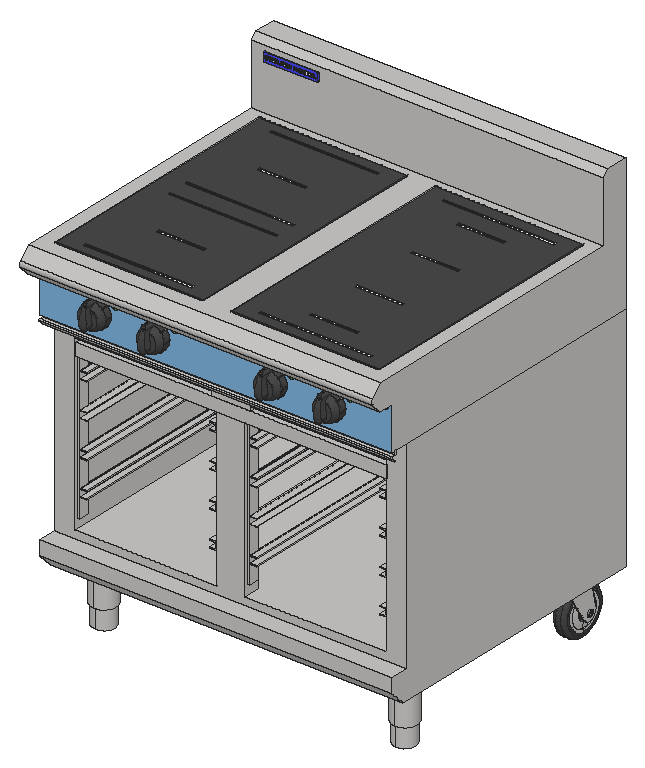
Revit family "QF_Moffat_IN514R3F-CB_Induction_Cooktop_cat", category Specialty Equipment, Revit 2019 (continued)
Definition of nested family "QF_LOGO_BLue Seal"
  Forms (mm)
    Extrusion 2, solid
      sketch origin (0, 0, 0) x (1, 0, 0) y (0, 0, 1)
        loop
          line (103.826, 9.135) -> (99.041, 9.135) -> (99.041, 10.415) -> (103.969, 10.415)
          arc (103.969, 10.415) -> (104.809, 11.255) -> (103.969, 12.095) r 0.84
          line (103.969, 12.095) -> (99.041, 12.095) -> (99.041, 13.215) -> (103.759, 13.215)
        loop
          line (112.34, 12.915) -> (112.34, 11.583) -> (115.1, 11.583) -> (115.1, 12.915)
          arc (115.1, 12.915) -> (114.954, 13.268) -> (114.6, 13.415) r 0.5
          line (114.6, 13.415) -> (112.84, 13.415)
          arc (112.84, 13.415) -> (112.487, 13.268) -> (112.34, 12.915) r 0.5
        loop
          arc (119.975, 7.169) -> (120.682, 7.461) -> (120.975, 8.169) r 1
          line (120.975, 8.169) -> (120.975, 14.317)
          arc (120.975, 14.317) -> (120.682, 15.024) -> (119.975, 15.317) r 1
          line (119.975, 15.317) -> (107.404, 15.317)
          arc (107.404, 15.317) -> (106.697, 15.024) -> (106.404, 14.317) r 1
          line (106.404, 14.317) -> (106.404, 8.169)
          arc (106.404, 8.169) -> (106.697, 7.461) -> (107.404, 7.169) r 1
          line (107.404, 7.169) -> (111.34, 7.169)
          arc (111.34, 7.169) -> (112.047, 7.461) -> (112.34, 8.169) r 1
          line (112.34, 8.169) -> (112.34, 9.135) -> (115.1, 9.135) -> (115.1, 8.169)
          arc (115.1, 8.169) -> (115.393, 7.461) -> (116.1, 7.169) r 1
          line (116.1, 7.169) -> (119.975, 7.169)
        loop
          arc (122.692, 8.169) -> (122.985, 7.461) -> (123.692, 7.169) r 1
          line (123.692, 7.169) -> (133.067, 7.169)
          arc (133.067, 7.169) -> (134.076, 8.178) -> (133.067, 9.188) r 1.01
          line (133.067, 9.188) -> (128.479, 9.188) -> (128.479, 14.317)
          arc (128.479, 14.317) -> (128.186, 15.024) -> (127.479, 15.317) r 1
          line (127.479, 15.317) -> (123.692, 15.317)
          arc (123.692, 15.317) -> (122.985, 15.024) -> (122.692, 14.317) r 1
          line (122.692, 14.317) -> (122.692, 8.169)
        loop
          line (8.019, 7.227) -> (8.019, 15.172)
          arc (8.019, 15.172) -> (4.133, 11.2) -> (8.019, 7.227) r 3.973
      from 0 to 3.2
    Extrusion 3, solid
      sketch origin (0, 0, 0) x (1, 0, 0) y (0, 0, 1)
        loop
          line (8.289, 15.169) -> (8.289, 7.231)
          arc (8.289, 7.231) -> (12.08, 11.2) -> (8.289, 15.169) r 3.973
      from 0 to 3.2
    Extrusion 4, solid
      sketch origin (16.271, 0, 0) x (-1, 0, 0) y (0, 0, -1)
        loop
          arc (8.252, -15.172) -> (12.138, -11.2) -> (8.252, -7.227) r 3.973
          line (8.252, -7.227) -> (8.252, -15.172)
      from 0 to 3.2
  Dimensions and locks
    equal spacing: plane 3 "LEFT", plane 7 "Center Y", plane 4 "RIGHT"
    "Length": plane 3 "LEFT" to plane 4 "RIGHT"
    equal spacing: plane 5 "FRONT", plane 8 "Center X", plane 1 "BACK"
    "Depth": plane 5 "FRONT" to plane 1 "BACK"
    "Height": plane 6 "TOP" to level
    plane 4 "RIGHT" to plane 3 "LEFT" = 138 mm
    aligned and locked: level to plane 2
  Automatic sketch dimensions
    Extrusion 1 sketch curve to Extrusion 1 sketch curve = 0 mm  (x12)
    Extrusion 1 sketch curve to plane 3 "LEFT" = 0 mm
    Extrusion 1 sketch curve to level = 0 mm
    Extrusion 1 sketch curve to plane 6 "TOP" = 0 mm
    plane 4 "RIGHT" to Extrusion 1 sketch curve = 0 mm
    plane 3 "LEFT" to Extrusion 1 sketch curve = 2 mm
    Extrusion 1 sketch curve to Extrusion 1 sketch curve = 2 mm
    plane 3 "LEFT" to Extrusion 1 sketch curve = 8.135 mm
    Extrusion 1 sketch curve to Extrusion 1 sketch curve = 7.524 mm
    Extrusion 1 sketch curve to Extrusion 1 sketch curve = 0.965 mm
    Extrusion 1 sketch curve to Extrusion 1 sketch curve = 1 mm  (x22)
    Extrusion 1 sketch curve to Extrusion 1 sketch curve = 4.503 mm
    Extrusion 1 sketch curve to Extrusion 1 sketch curve = 2.434 mm  (x2)
    Extrusion 1 sketch curve to Extrusion 1 sketch curve = 4.362 mm
    Extrusion 1 sketch curve to Extrusion 1 sketch curve = 3.517 mm
    Extrusion 1 sketch curve to Extrusion 1 sketch curve = 3.787 mm  (x2)
    Extrusion 1 sketch curve to Extrusion 1 sketch curve = 4.787 mm
    Extrusion 1 sketch curve to Extrusion 1 sketch curve = 4.588 mm
    Extrusion 1 sketch curve to Extrusion 1 sketch curve = 1.798 mm
    Extrusion 1 sketch curve to Extrusion 1 sketch curve = 1.956 mm  (x2)
    Extrusion 1 sketch curve to Extrusion 1 sketch curve = 3.735 mm
    Extrusion 1 sketch curve to Extrusion 1 sketch curve = 3.779 mm
    Extrusion 1 sketch curve to Extrusion 1 sketch curve = 1.146 mm
    Extrusion 1 sketch curve to Extrusion 1 sketch curve = 3.631 mm
    Extrusion 1 sketch curve to Extrusion 1 sketch curve = 3.713 mm
    Extrusion 1 sketch curve to Extrusion 1 sketch curve = 0.959 mm
    Extrusion 1 sketch curve to Extrusion 1 sketch curve = 1.688 mm
    Extrusion 1 sketch curve to plane 7 "Center Y" = 3.94 mm
    plane 7 "Center Y" to Extrusion 1 sketch curve = 0.777 mm
    plane 7 "Center Y" to Extrusion 1 sketch curve = 0.845 mm
    plane 7 "Center Y" to Extrusion 1 sketch curve = 0.988 mm
    Extrusion 1 sketch curve to Extrusion 1 sketch curve = 7.327 mm
    Extrusion 1 sketch curve to Extrusion 1 sketch curve = 4.556 mm
    Extrusion 1 sketch curve to Extrusion 1 sketch curve = 3.087 mm
    Extrusion 1 sketch curve to Extrusion 1 sketch curve = 4.657 mm  (x2)
    Extrusion 1 sketch curve to Extrusion 1 sketch curve = 0.004 mm
    Extrusion 1 sketch curve to Extrusion 1 sketch curve = 0.996 mm  (x2)
    Extrusion 1 sketch curve to Extrusion 1 sketch curve = 1.402 mm
    Extrusion 1 sketch curve to Extrusion 1 sketch curve = 5.025 mm
    Extrusion 1 sketch curve to Extrusion 1 sketch curve = 4.717 mm
    Extrusion 1 sketch curve to Extrusion 1 sketch curve = 4.785 mm
    Extrusion 1 sketch curve to Extrusion 1 sketch curve = 0.211 mm
    Extrusion 1 sketch curve to Extrusion 1 sketch curve = 2.645 mm
    Extrusion 1 sketch curve to Extrusion 1 sketch curve = 3.936 mm
    Extrusion 1 sketch curve to Extrusion 1 sketch curve = 0.5 mm  (x2)
    Extrusion 1 sketch curve to Extrusion 1 sketch curve = 1.76 mm
    Extrusion 1 sketch curve to Extrusion 1 sketch curve = 2.76 mm
    Extrusion 1 sketch curve to Extrusion 1 sketch curve = 4.875 mm
    Extrusion 1 sketch curve to Extrusion 1 sketch curve = 3.875 mm
    Extrusion 1 sketch curve to Extrusion 1 sketch curve = 1.717 mm
    plane 4 "RIGHT" to Extrusion 1 sketch curve = 4.933 mm
    plane 4 "RIGHT" to Extrusion 1 sketch curve = 2 mm  (x2)
    level to Extrusion 1 sketch curve = 7.169 mm  (x5)
    Extrusion 1 sketch curve to Extrusion 1 sketch curve = 5.169 mm
    Extrusion 1 sketch curve to Extrusion 1 sketch curve = 0.983 mm  (x2)
    Extrusion 1 sketch curve to Extrusion 1 sketch curve = 1.01 mm  (x2)
    Extrusion 1 sketch curve to Extrusion 1 sketch curve = 0.376 mm
    Extrusion 1 sketch curve to Extrusion 1 sketch curve = 0.588 mm
    Extrusion 1 sketch curve to Extrusion 1 sketch curve = 0.966 mm
    Extrusion 1 sketch curve to Extrusion 1 sketch curve = 2.037 mm  (x2)
    Extrusion 1 sketch curve to Extrusion 1 sketch curve = 0.772 mm  (x2)
    Extrusion 1 sketch curve to Extrusion 1 sketch curve = 0.952 mm
    Extrusion 1 sketch curve to Extrusion 1 sketch curve = 1.046 mm
    Extrusion 1 sketch curve to Extrusion 1 sketch curve = 1.28 mm  (x2)
    Extrusion 1 sketch curve to Extrusion 1 sketch curve = 1.878 mm
    Extrusion 1 sketch curve to Extrusion 1 sketch curve = 2.905 mm
    Extrusion 1 sketch curve to Extrusion 1 sketch curve = 3.031 mm
    Extrusion 1 sketch curve to Extrusion 1 sketch curve = 0.84 mm  (x2)
    Extrusion 1 sketch curve to Extrusion 1 sketch curve = 2.448 mm
    Extrusion 1 sketch curve to Extrusion 1 sketch curve = 2.202 mm
    Extrusion 1 sketch curve to Extrusion 1 sketch curve = 0.786 mm
    Extrusion 1 sketch curve to Extrusion 1 sketch curve = 1.332 mm
    Extrusion 1 sketch curve to Extrusion 1 sketch curve = 1.12 mm  (x2)
    Extrusion 1 sketch curve to Extrusion 1 sketch curve = 1.716 mm
    Extrusion 1 sketch curve to Extrusion 1 sketch curve = 1.051 mm  (x2)
    Extrusion 1 sketch curve to Extrusion 1 sketch curve = 4.147 mm
    Extrusion 1 sketch curve to Extrusion 1 sketch curve = 5.129 mm
    Extrusion 1 sketch curve to Extrusion 1 sketch curve = 0.051 mm
    Extrusion 1 sketch curve to Extrusion 1 sketch curve = 1.037 mm
    Extrusion 1 sketch curve to Extrusion 1 sketch curve = 0.516 mm
    plane 3 "LEFT" to Extrusion 1 sketch curve = 3.555 mm
    Extrusion 2 sketch curve to Extrusion 2 sketch curve = 0 mm  (x16)
    plane 3 "LEFT" to Extrusion 2 sketch curve = 8.019 mm
    Extrusion 2 sketch curve to Extrusion 2 sketch curve = 0.088 mm
    Extrusion 2 sketch curve to Extrusion 2 sketch curve = 0.029 mm
    Extrusion 2 sketch curve to Extrusion 2 sketch curve = 0.27 mm
    Extrusion 2 sketch curve to Extrusion 2 sketch curve = 7.371 mm
    Extrusion 2 sketch curve to Extrusion 2 sketch curve = 0.965 mm
    Extrusion 2 sketch curve to Extrusion 2 sketch curve = 1 mm  (x24)
    Extrusion 2 sketch curve to Extrusion 2 sketch curve = 4.503 mm
    Extrusion 2 sketch curve to Extrusion 2 sketch curve = 2.434 mm
    Extrusion 2 sketch curve to Extrusion 2 sketch curve = 4.362 mm
    Extrusion 2 sketch curve to Extrusion 2 sketch curve = 3.517 mm
    Extrusion 2 sketch curve to Extrusion 2 sketch curve = 3.787 mm  (x2)
    Extrusion 2 sketch curve to Extrusion 2 sketch curve = 4.787 mm  (x2)
    Extrusion 2 sketch curve to Extrusion 2 sketch curve = 4.588 mm  (x2)
    Extrusion 2 sketch curve to Extrusion 2 sketch curve = 1.798 mm
    Extrusion 2 sketch curve to Extrusion 2 sketch curve = 1.956 mm
    Extrusion 2 sketch curve to Extrusion 2 sketch curve = 3.735 mm
    Extrusion 2 sketch curve to Extrusion 2 sketch curve = 1.146 mm
    Extrusion 2 sketch curve to Extrusion 2 sketch curve = 3.631 mm
    Extrusion 2 sketch curve to Extrusion 2 sketch curve = 3.713 mm
    Extrusion 2 sketch curve to Extrusion 2 sketch curve = 0.959 mm
    Extrusion 2 sketch curve to Extrusion 2 sketch curve = 1.688 mm
    Extrusion 2 sketch curve to plane 7 "Center Y" = 3.94 mm
    plane 7 "Center Y" to Extrusion 2 sketch curve = 0.777 mm
    plane 7 "Center Y" to Extrusion 2 sketch curve = 0.845 mm
    plane 7 "Center Y" to Extrusion 2 sketch curve = 0.988 mm
    Extrusion 2 sketch curve to Extrusion 2 sketch curve = 7.327 mm
    Extrusion 2 sketch curve to Extrusion 2 sketch curve = 4.556 mm
    Extrusion 2 sketch curve to Extrusion 2 sketch curve = 3.087 mm
    Extrusion 2 sketch curve to Extrusion 2 sketch curve = 4.657 mm  (x2)
    Extrusion 2 sketch curve to Extrusion 2 sketch curve = 0.004 mm
    Extrusion 2 sketch curve to Extrusion 2 sketch curve = 0.996 mm
    Extrusion 2 sketch curve to Extrusion 2 sketch curve = 1.402 mm
    Extrusion 2 sketch curve to Extrusion 2 sketch curve = 5.025 mm
    Extrusion 2 sketch curve to Extrusion 2 sketch curve = 4.717 mm
    Extrusion 2 sketch curve to Extrusion 2 sketch curve = 4.785 mm
    Extrusion 2 sketch curve to Extrusion 2 sketch curve = 0.211 mm
    Extrusion 2 sketch curve to Extrusion 2 sketch curve = 2.578 mm
    Extrusion 2 sketch curve to Extrusion 2 sketch curve = 3.936 mm
    Extrusion 2 sketch curve to Extrusion 2 sketch curve = 0.5 mm  (x2)
    Extrusion 2 sketch curve to Extrusion 2 sketch curve = 1.76 mm
    Extrusion 2 sketch curve to Extrusion 2 sketch curve = 2.76 mm
    Extrusion 2 sketch curve to Extrusion 2 sketch curve = 3.875 mm
    Extrusion 2 sketch curve to Extrusion 2 sketch curve = 4.875 mm
    Extrusion 2 sketch curve to Extrusion 2 sketch curve = 1.717 mm
    level to Extrusion 2 sketch curve = 7.169 mm  (x6)
    level to Extrusion 2 sketch curve = 7.227 mm
    Extrusion 2 sketch curve to Extrusion 2 sketch curve = 0.003 mm
    Extrusion 2 sketch curve to Extrusion 2 sketch curve = 0.983 mm  (x2)
    Extrusion 2 sketch curve to Extrusion 2 sketch curve = 1.01 mm  (x2)
    Extrusion 2 sketch curve to Extrusion 2 sketch curve = 1.376 mm
    Extrusion 2 sketch curve to Extrusion 2 sketch curve = 0.588 mm
    Extrusion 2 sketch curve to Extrusion 2 sketch curve = 0.966 mm
    Extrusion 2 sketch curve to Extrusion 2 sketch curve = 2.037 mm  (x2)
    Extrusion 2 sketch curve to Extrusion 2 sketch curve = 0.772 mm  (x2)
    Extrusion 2 sketch curve to Extrusion 2 sketch curve = 1.539 mm
    Extrusion 2 sketch curve to Extrusion 2 sketch curve = 0.961 mm
    Extrusion 2 sketch curve to Extrusion 2 sketch curve = 1.28 mm  (x2)
    Extrusion 2 sketch curve to Extrusion 2 sketch curve = 1.878 mm
    Extrusion 2 sketch curve to Extrusion 2 sketch curve = 2.905 mm
    Extrusion 2 sketch curve to Extrusion 2 sketch curve = 3.969 mm
    Extrusion 2 sketch curve to Extrusion 2 sketch curve = 0.84 mm  (x2)
    Extrusion 2 sketch curve to Extrusion 2 sketch curve = 2.448 mm
    Extrusion 2 sketch curve to Extrusion 2 sketch curve = 2.202 mm
    Extrusion 2 sketch curve to Extrusion 2 sketch curve = 2.222 mm
    Extrusion 2 sketch curve to Extrusion 2 sketch curve = 1.332 mm
    Extrusion 2 sketch curve to Extrusion 2 sketch curve = 1.12 mm  (x2)
    Extrusion 2 sketch curve to Extrusion 2 sketch curve = 0.929 mm
    Extrusion 2 sketch curve to Extrusion 2 sketch curve = 1.051 mm  (x2)
    Extrusion 2 sketch curve to Extrusion 2 sketch curve = 5.129 mm  (x2)
    Extrusion 2 sketch curve to Extrusion 2 sketch curve = 4.147 mm
    Extrusion 2 sketch curve to Extrusion 2 sketch curve = 0.516 mm
    plane 3 "LEFT" to Extrusion 2 sketch curve = 3.555 mm
    plane 3 "LEFT" to Extrusion 3 sketch curve = 8.107 mm
    Extrusion 3 sketch curve to Extrusion 3 sketch curve = 0.182 mm
    level to Extrusion 3 sketch curve = 7.231 mm
    Extrusion 3 sketch curve to Extrusion 3 sketch curve = 3.969 mm
    Extrusion 4 sketch curve to plane 3 "LEFT" = 8.107 mm
    Extrusion 4 sketch curve to Extrusion 4 sketch curve = 0.088 mm
    Extrusion 4 sketch curve to level = 7.227 mm
    Extrusion 4 sketch curve to Extrusion 4 sketch curve = 3.972 mm
Definition of nested family "6 INCHES 02_CASTER"
  Parameters (values of type "6 INCHES 02_CASTER")
    Weight = ""
    URL Manufacturer = ""
    URL Cutsheet = ""
    URL = ""
    Type Mark [instance] = ""
    Specification by User [instance] = ""
    Specification by Manufacturer = ""
    Show Casters [instance] = yes
    Serial Number = ""
    Seismic Rating = ""
    SMACNA No = ""
    Revision Code [instance] = ""
    Omniclass Number and Title = ""
    NAFEM Spec ID Number = ""
    Model = ""
    MasterSpec. = ""
    Manufacturer = ""
    Item Number [instance] = ""
    Installed By [instance] = ""
    Identify Quantity as Lot [instance] = yes
    Furnished By [instance] = ""
    Foodservice Equipment Identifier [instance] = yes
    Description = ""
    CSI MasterFormat = ""
    CSI Master Format = ""
  Reference planes
    plane 1 "BACK": y = 0
    plane 2: z = 0
    plane 3 "LEFT": x = 0
    plane 4 "RIGHT": x = 0
    plane 5 "FRONT": y = 0
    plane 6 "TOP": z = 150
  Forms (mm)
    Revolve 1, solid, visible <- "Show Casters"
      sketch origin (-56.335, 0, -6.35) x (-1, 0, 0) y (0, 0, 1)
        loop
          line (-56.335, 152.4) -> (-56.335, 141.118) -> (-23.798, 141.118) -> (-23.798, 152.4) -> (-56.335, 152.4)
        axis (-56.335, 141.118) -> (-56.335, 152.4)
      angle from 0 to 360
    Extrusion 2, solid, visible <- "Show Casters"
      sketch origin (6.501, 53.083, -4.762) x (0, 1, 0) y (0, 0, 1)
        loop
          line (-85.799, 139.531) -> (-85.799, 133.181) -> (-42.478, 58.614)
          arc (-42.478, 58.614) -> (-16.638, 50.199) -> (-6.442, 75.39) r 19.923
          line (-6.442, 75.39) -> (-20.366, 139.531) -> (-85.799, 139.531)
      from 20.058 to 22.923
    Extrusion 3, solid, visible <- "Show Casters"
      sketch origin (0, 0, 146.05) x (0, 1, 0) y (-1, 0, 0)
        loop
          circle (0, 0) r 19.05
      from 0 to 3.95
    Extrusion 4, solid, visible <- "Show Casters"
      sketch origin (-6.501, 53.083, -4.762) x (0, 1, 0) y (0, 0, -1)
        loop
          line (-85.799, -133.181) -> (-85.799, -139.531) -> (-20.366, -139.531) -> (-6.442, -75.39)
          arc (-6.442, -75.39) -> (-16.638, -50.199) -> (-42.478, -58.614) r 19.923
          line (-42.478, -58.614) -> (-85.799, -133.181)
      from 20.058 to 22.923
    Extrusion 5, solid, visible <- "Show Casters"
      sketch origin (0, -3.253, 19.05) x (0, 1, 0) y (0, 0, 1)
        loop
          line (-29.464, 115.718) -> (-29.464, 109.368) -> (35.969, 109.368) -> (35.969, 115.718) -> (-29.464, 115.718)
      from -26.559 to 26.559
    Revolve 6, solid, visible <- "Show Casters"
      sketch origin (-49.213, 28.39, -3.252) x (1, 0, 0) y (0, 0, 1)
        loop
          line (14.841, 65.192) -> (14.841, 61.686) -> (16.111, 60.416) -> (17.635, 60.416) -> (17.635, 56.97) -> (29.782, 56.97) -> (29.782, 46.925) -> (33.069, 45.027) -> (36.232, 25.477) -> (32.544, 25.477) -> (32.544, 19.127) -> (33.338, 19.127) -> (33.338, 12.777)
          arc (33.338, 12.777) -> (36.127, 6.041) -> (42.863, 3.252) r 9.525
          line (42.863, 3.252) -> (55.563, 3.252)
          arc (55.563, 3.252) -> (62.298, 6.041) -> (65.088, 12.777) r 9.525
          line (65.088, 12.777) -> (65.088, 19.127) -> (65.881, 19.127) -> (65.881, 25.477) -> (62.193, 25.477) -> (65.371, 45.116) -> (68.644, 47.006) -> (68.644, 56.97) -> (80.79, 56.97) -> (80.79, 60.416) -> (82.314, 60.416) -> (83.584, 61.686) -> (83.584, 65.192) -> (14.841, 65.192)
        axis (14.841, 65.192) -> (83.584, 65.192)
      angle from 0 to 360
  Cuts and joins
    joined: Extrusion 2, Extrusion 4, Extrusion 5
  Lines and regions (mm)
    symbolic lines, visible <- "Show Casters"
      curve 1: line (11.652, 51.878, 0) -> (39.148, 36.003, 0)
      curve 2: line (-39.148, -36.11, 0) -> (-20.098, -3.115, 0)
      curve 3: line (-11.652, -51.985, 0) -> (-39.148, -36.11, 0)
      curve 4: line (39.148, 36.003, 0) -> (20.098, 3.007, 0)
      curve 5: line (-7.398, 18.882, 0) -> (11.652, 51.878, 0)
      curve 6: line (7.398, -18.99, 0) -> (-11.652, -51.985, 0)
  Dimensions and locks
    plane 6 "TOP" to level = 150 mm  (x2)
    aligned and locked: level to plane 2
Definition of nested family "Knob"
  Parameters (values of type "Knob")
    Weight in Pounds = 0
    URL Cutsheet = ""
    Specification by User = ""
    Specification by Manufacturer = ""
    Serial Number = ""
    Seismic Rating = ""
    SMACNA No = ""
    Revision Code = ""
    NAFEM Spec ID Number = ""
    Masterspec = ""
    Length = 65 mm
    Item Number = ""
    Installed By = ""
    Identify Quantity as Lot = yes
    Height = 69.5 mm
    Furnished By = ""
    Foodservice Equipment Identifier = yes
    Depth = 59 mm
    CSI MasterFormat = ""
  Reference planes
    plane 1 "BACK": y = 0
    plane 2: z = 0
    plane 3 "LEFT": x = 0
    plane 4 "RIGHT": x = 65
    plane 5 "FRONT": y = -59
    plane 6 "TOP": z = 69.5
    plane 7 "Center Y": x = 32.5
    plane 8 "Center X": y = -29.5
  Forms (mm)
    Revolve 1, solid
      sketch origin (32.5, 175.397, 1219.2) x (0, 1, 0) y (0, 0, 1)
        loop
          line (-175.397, -1186.7) -> (-219.397, -1186.7) -> (-219.397, -1211.501) -> (-202.106, -1219.2) -> (-185.397, -1219.2) -> (-185.397, -1191.7) -> (-175.397, -1191.7) -> (-175.397, -1186.7)
        axis (-219.397, -1186.7) -> (-175.397, -1186.7)
      angle from 0 to 360
    Extrusion 2, solid
      sketch origin (32.5, 175.397, 1219.2) x (0, 1, 0) y (0, 0, 1)
        loop
          line (-202.106, -1154.2) -> (-185.397, -1154.2) -> (-185.397, -1149.7) -> (-224.105, -1149.7)
          arc (-224.105, -1149.7) -> (-233.965, -1178.467) -> (-230.696, -1208.7) r 70
          line (-230.696, -1208.7) -> (-219.397, -1208.7) -> (-219.397, -1161.899) -> (-202.106, -1154.2)
      from -15 to 15
    Extrusion 3, void
      sketch origin (0, 0, 0) x (1, 0, 0) y (0, 0, 1)
        loop
          line (27.501, 64.613) -> (22.02, 20.585)
          arc (22.02, 20.585) -> (32.792, 10.488) -> (42.986, 21.169) r 10.487
          line (42.986, 21.169) -> (37.499, 64.613)
          arc (37.499, 64.613) -> (32.5, 69.5) -> (27.501, 64.613) r 5
        loop
          line (10, 72.977) -> (10, 5.625) -> (55, 5.625) -> (55, 72.977) -> (10, 72.977)
      from 6.142 to 69.687
    Extrusion 4, solid
      sketch origin (0, -34.115, -16.916) x (1, 0, 0) y (0, 0.45399, 0.891007)
        loop
          circle (32.497, 65) r 2
      from 51.525 to 53.075
    Extrusion 5, solid
      sketch origin (32.5, -10, 32.5) x (0, 0, -1) y (-1, 0, 0)
        loop
          line (-23.54, -22.408) -> (-24.106, -22.974)
          arc (-24.106, -22.974) -> (-23.547, -23.547) -> (-22.974, -24.106) r 33.3
          line (-22.974, -24.106) -> (-22.408, -23.54)
          arc (-22.408, -23.54) -> (-22.981, -22.981) -> (-23.54, -22.408) r 32.5
        loop
          arc (-0.8, -33.29) -> (0, -33.3) -> (0.8, -33.29) r 33.3
          line (0.8, -33.29) -> (0.8, -32.49)
          arc (0.8, -32.49) -> (0, -32.5) -> (-0.8, -32.49) r 32.5
          line (-0.8, -32.49) -> (-0.8, -33.29)
        loop
          arc (23.54, -22.408) -> (22.981, -22.981) -> (22.408, -23.54) r 32.5
          line (22.408, -23.54) -> (22.974, -24.106)
          arc (22.974, -24.106) -> (23.547, -23.547) -> (24.106, -22.974) r 33.3
          line (24.106, -22.974) -> (23.54, -22.408)
        loop
          arc (-23.54, 22.408) -> (-22.981, 22.981) -> (-22.408, 23.54) r 32.5
          line (-22.408, 23.54) -> (-22.974, 24.106)
          arc (-22.974, 24.106) -> (-23.547, 23.547) -> (-24.106, 22.974) r 33.3
          line (-24.106, 22.974) -> (-23.54, 22.408)
        loop
          line (-0.8, 33.29) -> (-0.8, 32.49)
          arc (-0.8, 32.49) -> (0, 32.5) -> (0.8, 32.49) r 32.5
          line (0.8, 32.49) -> (0.8, 33.29)
          arc (0.8, 33.29) -> (0, 33.3) -> (-0.8, 33.29) r 33.3
        loop
          line (32.49, -0.8) -> (33.29, -0.8)
          arc (33.29, -0.8) -> (33.3, 0) -> (33.29, 0.8) r 33.3
          line (33.29, 0.8) -> (32.49, 0.8)
          arc (32.49, 0.8) -> (32.5, 0) -> (32.49, -0.8) r 32.5
        loop
          arc (24.106, 22.974) -> (23.547, 23.547) -> (22.974, 24.106) r 33.3
          line (22.974, 24.106) -> (22.408, 23.54)
          arc (22.408, 23.54) -> (22.981, 22.981) -> (23.54, 22.408) r 32.5
          line (23.54, 22.408) -> (24.106, 22.974)
      from 0 to -16.709
  Cuts and joins
    Extrusion 3 cuts Extrusion 2
  Dimensions and locks
    equal spacing: plane 3 "LEFT", plane 7 "Center Y", plane 4 "RIGHT"
    "Length": plane 3 "LEFT" to plane 4 "RIGHT"
    equal spacing: plane 5 "FRONT", plane 8 "Center X", plane 1 "BACK"
    "Depth": plane 5 "FRONT" to plane 1 "BACK"
    "Height": plane 6 "TOP" to level
    plane 4 "RIGHT" to plane 3 "LEFT" = 65 mm
    aligned and locked: level to plane 2
  Automatic sketch dimensions
    Revolve 1 sketch curve to level = 0 mm
    Revolve 1 sketch curve to plane 1 "BACK" = 0 mm  (x2)
    plane 1 "BACK" to Revolve 1 sketch curve = 10 mm
    plane 8 "Center X" to Revolve 1 sketch curve = 2.791 mm
    Revolve 1 sketch curve to plane 8 "Center X" = 14.5 mm
    level to Revolve 1 sketch curve = 7.699 mm
    level to Revolve 1 sketch curve = 27.5 mm
    Revolve 1 sketch curve to Revolve 1 sketch curve = 5 mm
    Revolve 1 sketch curve to Revolve 1 sketch curve = 35 mm
    Revolve 1 sketch curve to Revolve 1 sketch curve = 0 mm
    Extrusion 2 sketch curve to plane 6 "TOP" = 0 mm
    Extrusion 2 sketch curve to plane 5 "FRONT" = 3.702 mm
    Extrusion 2 sketch curve to plane 5 "FRONT" = 10.293 mm
    Extrusion 2 sketch curve to Extrusion 2 sketch curve = 11.298 mm
    plane 8 "Center X" to Extrusion 2 sketch curve = 2.791 mm
    plane 1 "BACK" to Extrusion 2 sketch curve = 10 mm
    Extrusion 2 sketch curve to plane 1 "BACK" = 11 mm
    Extrusion 2 sketch curve to plane 6 "TOP" = 4.5 mm
    Extrusion 2 sketch curve to plane 6 "TOP" = 12.199 mm
    level to Extrusion 2 sketch curve = 32.962 mm
    level to Extrusion 3 sketch curve = 5.625 mm
    Extrusion 3 sketch curve to plane 7 "Center Y" = 0 mm  (x2)
    Extrusion 3 sketch curve to plane 7 "Center Y" = 4.999 mm
    Extrusion 3 sketch curve to plane 7 "Center Y" = 10.48 mm
    plane 6 "TOP" to Extrusion 3 sketch curve = 3.477 mm
    plane 3 "LEFT" to Extrusion 3 sketch curve = 10 mm
    Extrusion 3 sketch curve to plane 6 "TOP" = 4.887 mm
    Extrusion 3 sketch curve to Extrusion 3 sketch curve = 4.999 mm
    plane 7 "Center Y" to Extrusion 3 sketch curve = 10.486 mm
    level to Extrusion 3 sketch curve = 20.585 mm
    Extrusion 3 sketch curve to Extrusion 3 sketch curve = 0.387 mm
    Extrusion 3 sketch curve to Extrusion 3 sketch curve = 0.113 mm
    plane 4 "RIGHT" to Extrusion 3 sketch curve = 10 mm
    Extrusion 5 sketch curve to Revolve 1 = 32.49 mm
    Revolve 1 to Extrusion 5 sketch curve = 32.49 mm
    Extrusion 5 sketch curve to Revolve 1 = 23.54 mm  (x2)
    Revolve 1 to Extrusion 5 sketch curve = 23.54 mm  (x2)
    Extrusion 5 sketch curve to Revolve 1 = 24.106 mm  (x2)
    Revolve 1 to Extrusion 5 sketch curve = 24.106 mm  (x2)
    Revolve 1 to Extrusion 5 sketch curve = 22.408 mm  (x2)
    Extrusion 5 sketch curve to Revolve 1 = 22.408 mm  (x2)
    Revolve 1 to Extrusion 5 sketch curve = 22.974 mm  (x2)
    Extrusion 5 sketch curve to Revolve 1 = 22.974 mm  (x2)
    Extrusion 5 sketch curve to Extrusion 5 sketch curve = 1.6 mm  (x2)
    Revolve 1 to Extrusion 5 sketch curve = 0.8 mm
    Extrusion 5 sketch curve to Revolve 1 = 0.8 mm
    Extrusion 4 sketch curve to plane 7 "Center Y" = 0.003 mm
    radius of Extrusion 5 sketch curve to Revolve 1 = 0 mm  (x7)
    radius of Revolve 1 to Extrusion 5 sketch curve = 0.8 mm  (x7)
    radius of Extrusion 4 sketch curve = 2 mm
